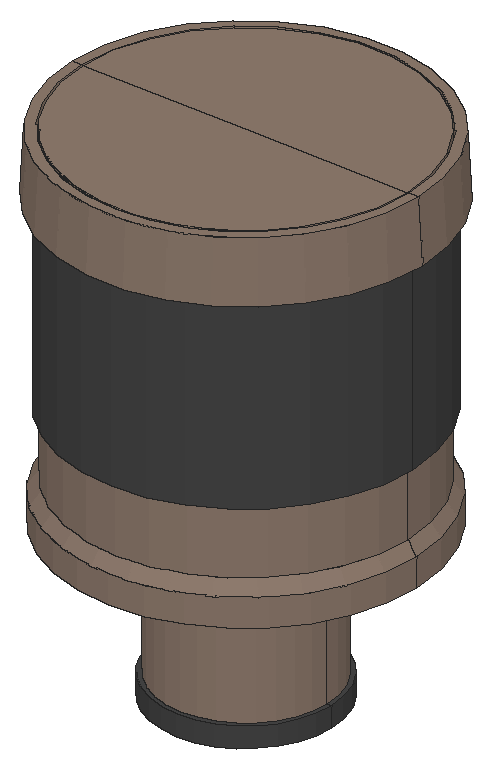
Revit family
Parameters (values of type "4031L02")
  Weight (lb) = 9.1
  Warranty = "1 year material and workmanship"  # constant formula
  URL = "http://www.jrsmith.com"
  Technical and Installation = "http://www.jrsmith.com/products/cleanout/pm/tech.pdf"
  SmartBIM Object Version = 3  # constant formula
  SmartBIM Object Created By = "Reed Construction Data"  # constant formula
  Product URL = "http://www.jrsmith.com/products/cleanout/submittal/d4031.pdf"
  Pipe Radius = Pipe Diameter / 2  # 1"
  Pipe Diameter = 2"
  OmniClass Title = "Sanitary Waste Piping Specialities"  # constant formula
  OmniClass Code = "22-22 13 19 13"  # constant formula
  Model = "4031"  # constant formula
  Material Finish = Duco Coated
  Material = Cast Iron
  Manufacturer = "Jay R. Smith Mfg. Co. "  # constant formula
  Flow Rate = ""
  Floor Offset = 3 1/8"
  Description = "Duco cast iron cleanout with round adjustable scoriated secured nickel bronze top"  # constant formula
  Default Elevation = 0"
  Connection Type = ""
  Assembly Code = "D2030400"
  95 CSI = "15155"  # constant formula
  04 CSI = "22 13 19"  # constant formula
Types (3): name | Weight (lb) | Pipe Radius | Pipe Diameter
  4031L03 | 9.38 | 1 1/2" | 3"
  4031L04 | 9.23 | 2" | 4"
  4031L02 | 9.1 | 1" | 2"
Reference planes (in)
  plane 1 "Center (Front/Back)": y = 0.875
  plane 2: z = -0.00087
  plane 3 "Center (Left/Right)": x = 0
  plane 4: y = 7
  plane 5: y = -5.25
  plane 6: z = -0.88493
  plane 7: z = -4.00993
  plane 8: z = 0.125
  plane 9: x = 1
  plane 10: x = 2.875
  plane 11: x = -2.875
  plane 12: x = 2.875
  plane 13: z = 0
Forms (in)
  Revolve 1, solid, material "Duco Coated" <- "Material Finish"
    sketch origin (0, 0.875, -4.90454) x (1, 0, 0) y (0, 0, 1)
      loop
        line (2.55796, 4.27209) -> (2.55796, 0.89461) -> (2.80561, 0.89461) -> (2.80561, 4.27209) -> (2.55796, 4.27209)
      axis (0, 0.89461) -> (0, 4.27209)
    angle from 0 to 360
  Revolve 2, solid, material "Cast Iron" <- "Material"
    sketch origin (0, 0.875, -4.8645) x (1, 0, 0) y (0, 0, 1)
      loop
        line (1.36279, -0.89943) -> (2.875, -0.89943) -> (2.875, -0.43458) -> (2.71722, -0.22562) -> (2.71722, 0.85457) -> (1.16079, 0.85457) -> (1.16079, -3.16811) -> (1.36279, -3.16811) -> (1.36279, -0.89943)
      axis (0, -3.16811) -> (0, 0.85457)
    angle from 0 to 360
  Revolve 3, solid, material "Cast Iron" <- "Material"
    sketch origin (0, 0.875, -4.90454) x (1, 0, 0) y (0, 0, 1)
      loop
        line (0, 5.02954) -> (0, 4.65144) -> (0.0824, 4.65144) -> (0.0824, 4.84031) -> (2.70773, 4.84031) -> (2.71765, 5.02954) -> (0, 5.02954)
      axis (0, 5.02954) -> (0, 4.65144)
    angle from 0 to 360
  Revolve 4, solid, material "Cast Iron" <- "Material"
    sketch origin (0, 0.875, -4.90454) x (1, 0, 0) y (0, 0, 1)
      loop
        line (2.96238, 4.01961) -> (2.90706, 5.02954) -> (2.74926, 5.02954) -> (2.71785, 4.42987) -> (2.221, 4.42987) -> (2.2127, 4.27209) -> (2.79897, 4.27209) -> (2.80561, 4.01961) -> (2.96238, 4.01961)
      axis (0, 4.01961) -> (0, 5.02954)
    angle from 0 to 360
  Revolve 5, solid, material "Duco Coated" <- "Material Finish"
    sketch origin (0, 0.875, -11.875) x (1, 0, 0) y (0, 0, 1)
      loop
        line (1, 3.50261) -> (1.44264, 3.50261) -> (1.44264, 3.84239) -> (1.06331, 3.84239) -> (1.06331, 4.25353) -> (1.16079, 4.25353) -> (1.16079, 4.31312) -> (1.06331, 4.31312) -> (1.06331, 4.61995) -> (1.16079, 4.61995) -> (1.16079, 4.69301) -> (1.06331, 4.69301) -> (1.06331, 5.13157) -> (1.10995, 5.13157) -> (1.10995, 5.47093) -> (0.50626, 5.47093) -> (0.50626, 5.13157) -> (0.65011, 5.13157) -> (0.65011, 4.31312) -> (1, 3.50261)
      axis (0, 3.50261) -> (0, 5.47093)
    angle from 0 to 360
Lines and regions (in)
  model lines
    curve 1: line (-2.81216, 0.875, 0.125) -> (2.81216, 0.875, 0.125)
    curve 2: line (0, 0.875, 0.125) -> (0, 0.875, -5.76393)
Dimensions and locks (in)
  equal spacing: plane 5, plane 1 "Center (Front/Back)", plane 4
  "Floor Offset": plane 6 to plane 7
  plane 8 to Revolve 4 sketch curve to Revolve 4 sketch curve to Revolve 4 sketch curve = 0.59967" locked, 0.15778" locked, 0.25247" locked
  locked: plane 8 to plane 6 at 1.00993
  plane 8 to Revolve 3 sketch curve to Revolve 3 sketch curve = 0.18923" locked, 0.18888" locked
  "Pipe Radius": Revolve 5 sketch curve to plane 3 "Center (Left/Right)"
  Revolve 5 sketch curve to Revolve 5 sketch curve to Revolve 5 sketch curve to Revolve 5 sketch curve to Revolve 5 sketch curve = 0.28185" locked, 0.05084" locked, 0.04664" locked, 0.06331" locked
  "Pipe Radius": plane 9 to plane 3 "Center (Left/Right)"
  locked: plane 10 to plane 3 "Center (Left/Right)" at 2.875
  equal spacing: plane 12, plane 3 "Center (Left/Right)", plane 11
  locked: plane 12 to plane 11 at 5.75
  locked: plane 8 to plane 13 at 0.125
  locked: Revolve 2 sketch curve to Revolve 2 sketch curve at 4.02268
  locked: Revolve 2 sketch curve to Revolve 2 sketch curve at 1.754
  locked: Revolve 2 sketch curve to Revolve 2 sketch curve at 1.0802
  locked: Revolve 2 sketch curve to Revolve 2 sketch curve at 0.46485
  locked: Revolve 5 sketch curve to Revolve 5 sketch curve at 0.33936
  Revolve 5 sketch curve to Revolve 5 sketch curve to Revolve 5 sketch curve to Revolve 5 sketch curve to Revolve 5 sketch curve to Revolve 5 sketch curve to Revolve 5 sketch curve to Revolve 5 sketch curve = 0.33936" locked, 0.43856" locked, 0.07306" locked, 0.30684" locked, 0.05959" locked, 0.41113" locked, 0.33978" locked
  locked: Revolve 5 sketch curve to Revolve 5 sketch curve at 0.81051
  aligned and locked: plane 6 to Revolve 4
  aligned and locked: plane 8 to Revolve 4 sketch curve
  aligned and locked: plane 8 to Revolve 3 sketch curve
  aligned and locked: plane 8 to curve 1
  aligned and locked: curve 2 to Revolve 2
  aligned and locked: Revolve 5 sketch curve to Revolve 5 sketch curve
  aligned and locked: plane 10 to Revolve 2 sketch curve
  aligned and locked: plane 7 to Revolve 1 sketch curve
  aligned and locked: Revolve 2 sketch curve to plane 7
  aligned and locked: plane 3 "Center (Left/Right)" to Revolve 2 sketch curve
  aligned and locked: Revolve 5 sketch curve to Revolve 2
  aligned and locked: Revolve 1 sketch curve to Revolve 4
Automatic sketch dimensions
  Revolve 1 sketch curve to plane 3 "Center (Left/Right)" = 0"
  Revolve 1 sketch curve to Revolve 1 sketch curve = 3.44149"
  level to Revolve 1 sketch curve = 0.82773"
  Revolve 2 sketch curve to level = 0.5481"
  Revolve 3 sketch curve to plane 3 "Center (Left/Right)" = 0"  (x2)
  plane 3 "Center (Left/Right)" to Revolve 3 sketch curve = 0.0824"
  Revolve 3 sketch curve to Revolve 3 sketch curve = 2.62533"
  Revolve 3 sketch curve to Revolve 3 sketch curve = 0.00992"
  Revolve 3 sketch curve to Revolve 3 sketch curve = 4.65057"
  Revolve 3 sketch curve to Revolve 3 sketch curve = 0.78498"
  Revolve 4 sketch curve to plane 3 "Center (Left/Right)" = 0"
  plane 3 "Center (Left/Right)" to Revolve 4 sketch curve = 2.2127"
  Revolve 4 sketch curve to Revolve 4 sketch curve = 0.0083"
  Revolve 4 sketch curve to Revolve 4 sketch curve = 0.49685"
  Revolve 4 sketch curve to Revolve 4 sketch curve = 0.03141"
  Revolve 4 sketch curve to Revolve 4 sketch curve = 0.08112"
  Revolve 4 sketch curve to Revolve 4 sketch curve = 0.00663"
  Revolve 4 sketch curve to Revolve 4 sketch curve = 0.15779"
  Revolve 4 sketch curve to Revolve 4 sketch curve = 0.15677"
  Revolve 4 sketch curve to level = 3.04021"
  Revolve 4 sketch curve to Revolve 4 sketch curve = 1.86433"
  curve 2 to plane 3 "Center (Left/Right)" = 0"
  curve 1 to curve 2 = 2.81216"
  plane 3 "Center (Left/Right)" to curve 1 = 2.81216"
  plane 12 to Revolve 1 sketch curve = 0.31704"
  plane 12 to Revolve 1 sketch curve = 0.06939"
  Revolve 2 sketch curve to plane 10 = 0.15778"
  Revolve 2 sketch curve to Revolve 2 sketch curve = 3.27558"
  plane 9 to Revolve 2 sketch curve = 0.16079"
  plane 9 to Revolve 2 sketch curve = 0.36279"
  Revolve 5 sketch curve to plane 3 "Center (Left/Right)" = 0"
  Revolve 5 sketch curve to Revolve 5 sketch curve = 0"
  Revolve 5 sketch curve to Revolve 5 sketch curve = 0.04664"
  Revolve 5 sketch curve to Revolve 5 sketch curve = 5.92362"
  Revolve 5 sketch curve to Revolve 5 sketch curve = 3.32949"
  Revolve 5 sketch curve to Revolve 5 sketch curve = 0.55705"
  Revolve 5 sketch curve to Revolve 5 sketch curve = 0.4132"
Connectors (in)
  piping at (0, 0.875, -8.37239), driven by "Pipe Radius"
    settings: on Revolve 5, index 1
